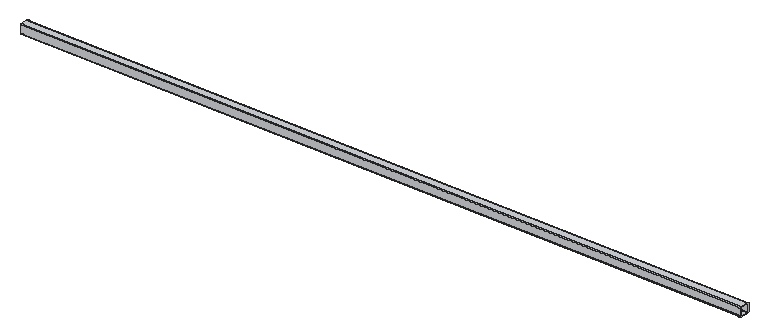
Revit family "33W1.5x1.5 Web", category Structural Framing, Revit 2020
Family settings
  Section Shape = Not Defined
  Material for Model Behavior = Steel
  Always export as geometry = No
  OmniClass Number = 23.25.30.11.14.14
  OmniClass Title = Beams
  Always vertical = Yes
  Cut with Voids When Loaded = No
  Symbolic Representation = From Family
  Shared = No
  Show family pre-cut in plan views = Yes
Parameters
  Weight lbs per ft [instance] = 0.6795
  URL = "https://www.trussteel.com/details_files/pdf/ts010.pdf"
  Total Member Weight lbs [instance] = Length / 1' 0" * Weight lbs per ft  # 6.795
  Structural Material = ASTM A500 Grade A Modified Fy 45 ksi
  Steel Design Thickness (in) [instance] = 0.035
  Model = "33W1.5x1.5"
  Manufacturer = "TrusSteel"
  Length [instance] = 10' - 0"
  Fy (ksi) [instance] = 45
  Fu (ksi) [instance] = 55
  Description = "Tube Web"
  Cross Section Area (in2) [instance] = 0.1998
  Beam Width = 0' - 1 1/2"
  Beam Height = 0' - 1 1/2"
Reference planes (in)
  plane 1 "Center (Front/Back)": y = 0
  plane 2 "Center El.": z = 0
  plane 3 "Center (Left/Right)": x = 0
  plane 4 "Left": x = -60
  plane 5 "Right": x = 60
Forms (in)
  Extrusion 1, solid
    sketch origin (0, 0, 0) x (0, 1, 0) y (0, 0, 1)
      loop
        arc (-0.645, 0.75) -> (-0.71925, 0.71925) -> (-0.75, 0.645) r 0.105
        line (-0.75, 0.645) -> (-0.75, -0.645)
        arc (-0.75, -0.645) -> (-0.71925, -0.71925) -> (-0.645, -0.75) r 0.105
        line (-0.645, -0.75) -> (0.645, -0.75)
        arc (0.645, -0.75) -> (0.71925, -0.71925) -> (0.75, -0.645) r 0.105
        line (0.75, -0.645) -> (0.75, 0.645)
        arc (0.75, 0.645) -> (0.71925, 0.71925) -> (0.645, 0.75) r 0.105
        line (0.645, 0.75) -> (-0.645, 0.75)
      loop
        arc (0.715, 0.645) -> (0.6945, 0.6945) -> (0.645, 0.715) r 0.07
        line (0.645, 0.715) -> (-0.645, 0.715)
        arc (-0.645, 0.715) -> (-0.6945, 0.6945) -> (-0.715, 0.645) r 0.07
        line (-0.715, 0.645) -> (-0.715, -0.645)
        arc (-0.715, -0.645) -> (-0.6945, -0.6945) -> (-0.645, -0.715) r 0.07
        line (-0.645, -0.715) -> (0.645, -0.715)
        arc (0.645, -0.715) -> (0.6945, -0.6945) -> (0.715, -0.645) r 0.07
        line (0.715, -0.645) -> (0.715, 0.645)
    from -60 to 60
Dimensions and locks (in)
  equal spacing: plane 4 "Left", plane 3 "Center (Left/Right)", plane 5 "Right"
  "Length": plane 4 "Left" to plane 5 "Right"
  "Beam Width": Extrusion 1 to Extrusion 1
  "Beam Height": Extrusion 1 to Extrusion 1
  aligned and locked: level to plane 2 "Center El."
  aligned and locked: plane 4 "Left" to Extrusion 1
  aligned and locked: Extrusion 1 to plane 5 "Right"
Automatic sketch dimensions
  plane 1 "Center (Front/Back)" to Extrusion 1 sketch curve = 0' - 0.645"
  level to Extrusion 1 sketch curve = 0' - 0.645"
  Extrusion 1 sketch curve to Extrusion 1 sketch curve = 0' - 0.105"  (x4)
  Extrusion 1 sketch curve to level = 0' - 0.645"
  Extrusion 1 sketch curve to plane 1 "Center (Front/Back)" = 0' - 0.645"
  Extrusion 1 sketch curve to Extrusion 1 sketch curve = 0' - 0"  (x7)
  Extrusion 1 sketch curve to Extrusion 1 sketch curve = 0' - 0.035"
